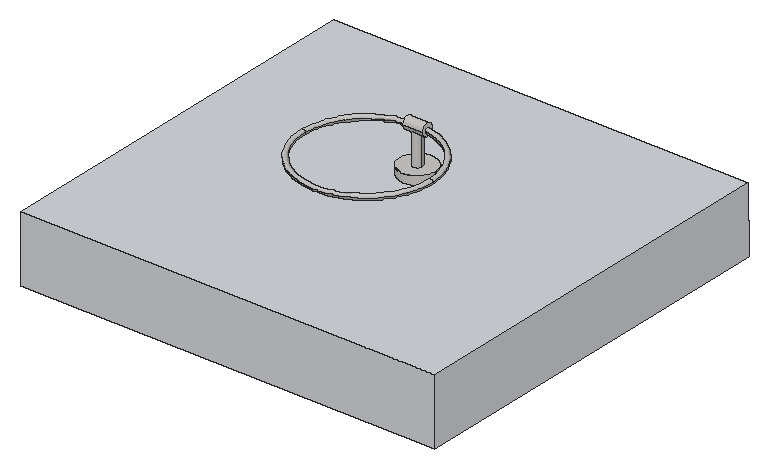
Revit family
Parameters (values of type "as Specified")
  Warranty Duration (Years) = 0
  Unit Width = 0' - 7 1/8"
  Unit Height = 0' - 7 31/32"
  Unit Depth = 0' - 2 5/8"
  URL = "http://www.americanspecialties.com/viewCategories.cfm"
  Mounting Height [instance] = 3' - 0"
  Fixture Material [instance] = Metal - Stainless Steel
  Test Data = ""
  Specification = "http://www.arcat.com/sdspecs/htm/10810asi.htm"
  SpecWizard = ""
  Send Message = "http://www.arcat.com/users.pl?action=UserEmail&company=American%20Specialties,%20Inc.&coid=30448&rep=139&fax=914-476-0688&mf="
  Sales Information = "http://www.americanspecialties.com/contact"
  Revision = "R1_2014-10"
  Product Properties = "http://www.americanspecialties.com/datasheets/7306.pdf"
  Product Data = "http://www.arcat.com/arcatcos/cos30/arc30448.html"
  Model = "7306"
  Manufacturer Website = "http://www.americanspecialties.com/viewCategories.cfm"
  Manufacturer Phone - Toll Free = ""
  Manufacturer Phone = "914-476-9000 "
  Manufacturer Fax = "914-476-0688"
  Manufacturer Address = "441 Saw Mill River Rd., Yonkers, NY 10701"
  Manufacturer = "American Specialties, Inc."
  Maintenance Schedule (Months) = 0
  Keynote = "10 28 13"
  Installation-Fabrication = "http://www.americanspecialties.com/products.cfm"
  Green Building-LEED = ""
  Expected Lifespan (Years) = 0
  Drawn By = "Sumex Design, Inc. / Robert S. Weygant. CSI, CDT, SCIP"
  Description = "ASI Towel Ring - Omara Collection 7306"
  Default Elevation = 0' - 0"
  Copyright = "©Arcat Inc."
  Construction Details = "http://www.arcat.com/green/clients/leed_data_30448.html"
  Building Codes = "http://www.americanspecialties.com/products.cfm"
  Assembly Code = "C1030210"
Reference planes (in)
  plane 1 "Top": y = -19.97029
  plane 2 "Floor Line": z = 0
  plane 3 "Center (Left/Right)": x = 6.02907
  plane 4: x = 2.46657
  plane 5: x = 9.59157
  plane 6 "FF": y = -56.93904
  plane 7 "x": y = -24.37654
  plane 8: y = -27.93904
  plane 9 "ADA CL": y = -20.93904
  plane 10: z = 2.3125
  plane 11: z = 2.625
Forms (in)
  Extrusion 1, solid
    sketch origin (-2.65843, -11.79112, -6) x (0, 0, -1) y (1, 0, 0)
      loop
        line (-2.42514, 20.05409) -> (-6, 20.05409) -> (-6, -2.3125) -> (-2.42514, -2.3125) -> (-2.42514, 20.05409)
    from 22.17917 to 1.04556
  Extrusion 2, solid, material "Metal - Stainless Steel" <- "Fixture Material"
    sketch origin (0, 3.3125, 0) x (1, 0, 0) y (0, 1, 0)
      loop
        circle (6.02907, -24.25154) r 0.96875
    from 0 to 0.4375
  Sweep 3, solid, material "Metal - Stainless Steel" <- "Fixture Material"
    path origin (0, 0, 0) x (1, 0, 0) y (0, 1, 0)
      loop
        circle (6.02907, -24.37654) r 3.5625
    profile origin (6.02907, -20.81404, 0) x (0, -1, 0) y (0, 0, 1)
      loop
        circle (0.125, 2.3125) r 0.125
  Extrusion 4, solid, material "Metal - Stainless Steel" <- "Fixture Material"
    sketch origin (0, 0, 0) x (1, 0, 0) y (0, 1, 0)
      loop
        circle (6.02907, -20.93904) r 0.25
    from 0 to 2.3125
  Extrusion 5, solid, material "Metal - Stainless Steel" <- "Fixture Material"
    sketch origin (6.02907, 0, 0) x (0, 1, 0) y (0, 0, 1)
      loop
        circle (-20.93904, 2.3125) r 0.3125
    from -0.53125 to 0.53125
Cuts and joins
  joined: Extrusion 2, Sweep 3, Extrusion 4, Extrusion 5
Dimensions and locks (in)
  "Mounting Height": plane 6 "FF" to plane 9 "ADA CL"
  equal spacing: plane 4, plane 3 "Center (Left/Right)", plane 5
  plane 4 to plane 5 = 0' - 7 1/8"
  locked: Sweep 3 sketch curve to plane 7 "x" at 0
  locked: plane 9 "ADA CL" to plane 8 at 7
  locked: Extrusion 2 sketch curve to plane 8 at 7
  locked: plane 8 to plane 7 "x" at 3.5625
  plane 10 to level = 0' - 2 5/16"
  locked: plane 11 to level at 2.625
  locked: plane 1 "Top" to plane 8 at 7.96875
  aligned and locked: plane 10 to Extrusion 4
Automatic sketch dimensions
  Extrusion 1 sketch curve to Extrusion 1 sketch curve = 0' - 3.57486"
  Extrusion 1 sketch curve to Extrusion 1 sketch curve = 1' - 10.36659"
  Extrusion 2 sketch curve to plane 3 "Center (Left/Right)" = 0' - 0"
  Sweep 3 sketch curve to plane 3 "Center (Left/Right)" = 0' - 0"
  Sweep 3 sketch curve to profile plane = 0' - 0 1/8"
  level to Sweep 3 sketch curve = 0' - 2 5/16"
  Extrusion 4 sketch curve to plane 3 "Center (Left/Right)" = 0' - 0"
  Extrusion 4 sketch curve to plane 9 "ADA CL" = 0' - 0"
  Extrusion 5 sketch curve to plane 9 "ADA CL" = 0' - 0"
  level to Extrusion 5 sketch curve = 0' - 2 5/16"
  radius of Extrusion 2 sketch curve = 0' - 0 31/32"
  radius of Sweep 3 sketch curve = 0' - 3 9/16"
  radius of Sweep 3 sketch curve = 0' - 0 1/8"
  radius of Extrusion 4 sketch curve = 0' - 0 1/4"
  radius of Extrusion 5 sketch curve = 0' - 0 5/16"
